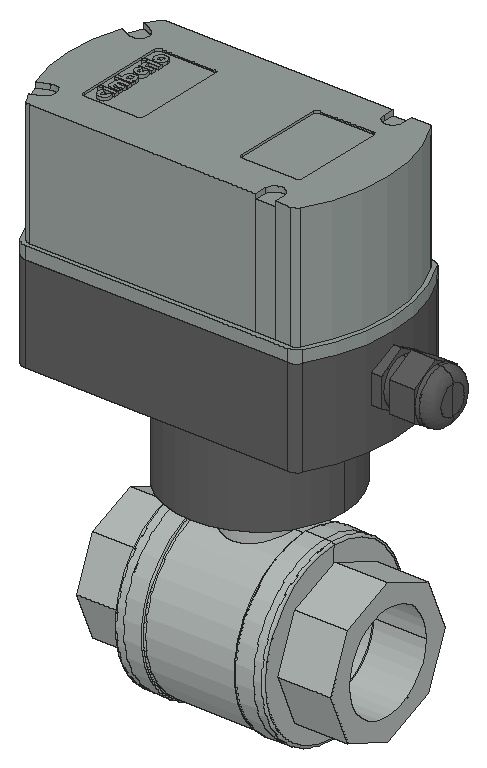
Revit family "QD31400000", category Apparecchi idraulici, Revit 2020
Family settings
  Quota connettore circolare = Usa diametro
  Tipo di parte = Normale
  Numero OmniClass = 23.45.00.00
  Titolo OmniClass = Sanitary, Laundry, and Cleaning Equipment
  Basato su piano di lavoro = No
  Sempre verticale = Sì
  Taglio con vuoti quando caricato = No
  Condiviso = No
  Punto di calcolo locali = No
Parameters
  URL = "https://web.cimberio.it/index.php/figura/614?subcategoria_id=74926"
  Temperatura di esercizio = "-20 ÷ 150°C"
  Prospetto di default = 0 mm
  Produttore = "CIMBERIO SPA"
  Pressione nominale = "PN 100 (1/2\"); PN 64 (3/4\" ÷ 1\"); PN 50 (1\"1/4); PN 40 (1\"1/2 ÷ 2\")"
  Modello = "Cim 702"
  Materiale = "Prodotto in lega di ottone conforme alla norma EN 12165-CW617N-DW"
  Descrizione = "Utilizzato nei più svariati settori dell'impiantistica: impianti di riscaldamento, condizionamento, idrici, igienico-sanitari, aria compressa e in generale con ogni fluido non corrosivo.\r\nParticolarmente indicato come valvola di zona per la regolazione e contabilizzazione di impianti di riscaldamento singoli o a zone, impianti con utilizzazione di energie alternative, impianti con fluidi caldi o freddi e impianti di automazione in genere."
  DN Model [instance] = QD31401040 : QD31401040
  DN [instance] = 40 mm
  Commenti sul tipo = "Realizzato in ottemperanza ai requisiti gestionali della norma EN ISO 9001.\r\nCollaudato al 100% secondo la normativa EN 12266-1."
Reference planes
  plane 1 "Centro (Fronte/Retro)": y = 0
  plane 2: z = 0
  plane 3 "Centro (Sinistra/Destra)": x = 0
Dimensions and locks
  aligned and locked: level to plane 2
Nested families
  nested 1: "QD31401040" at (0, 0, 0), type <- "DN Model", type "QD31401040"
  nested 2: "QD31401040" at (0, 0, 0), type <- "DN Model", type "QD31401040"
  nested 3: "QD31401040" at (0, 0, 0), type <- "DN Model", type "QD31401040"
  nested 4: "QD31401040" at (0, 0, 0), type <- "DN Model", type "QD31401040"
  nested 5: "QD31401040" at (0, 0, 0), type <- "DN Model", type "QD31401040"
  nested 6: "QD31401040" at (0, 0, 0), type <- "DN Model", type "QD31401040"
Connectors
  piping at (52.75, 0, 0), diameter 40, driven by "DN"
    settings: on nested 1, index 1, connector inside diameter 609.6 mm, connector length 0 mm, flow factor 0, pipe flow 0.0 L/s, pressure drop 0.0 Pa, fitting loss kfactor 0, connector angle 0.00°, fixture units 0, engagement length 0 mm, angle of deflection 0.00°, flow configuration 0, flow direction 0, fitting loss method 0, system type 7, joint type 0, gender type 0, connector reference index -1, connector utility 0, adjustable connector no, is connector primary yes, connector description ""
  piping at (-52.75, 0, 0), diameter 40, driven by "DN"
    settings: on nested 1, index 2, connector inside diameter 609.6 mm, connector length 0 mm, flow factor 0, pipe flow 0.0 L/s, pressure drop 0.0 Pa, fitting loss kfactor 0, connector angle 0.00°, fixture units 0, engagement length 0 mm, angle of deflection 0.00°, flow configuration 0, flow direction 0, fitting loss method 0, system type 7, joint type 0, gender type 0, connector reference index -1, connector utility 0, adjustable connector no, is connector primary no, connector description ""
Definition of nested family "QD31401040"
  Parameters (values of type "QD31401040")
    URL = "https://web.cimberio.it/index.php/figura/394?subcategoria_id="
    Temperatura di esercizio = "-10 ÷ 95°C"
    Default Elevation = 0 mm
    Manufacturer = "CIMBERIO SPA"
    Pressione nominale = "PN 16"
    Model = "Cim 32"
    Materiale = "Prodotto in lega di ottone conforme alla norma EN 12165-CW617N-DW"
    Description = "Impiegato nei più svariati settori dell'impiantistica in condutture anti-ritorno per: reti di distribuzione acqua potabile, impianti di riscaldamento, condizionamento, igienico-sanitari e in generale con ogni fluido non corrosivo."
    DN [instance] = 50 mm
    Type Comments = "Realizzato in ottemperanza ai requisiti gestionali della norma EN ISO 9001.\r\nCollaudato al 100% secondo la normativa EN 12266-1"
  Reference planes
    plane 1 "Centro (Fronte/Retro)": y = 0
    plane 2: z = 0
    plane 3 "Centro (Sinistra/Destra)": x = 0
  Forms (mm)
    Extrusion 1, solid
      sketch origin (0, 0, 0) x (0, 1, 0) y (0, 0, 1)
        loop
          circle (0, 0) r 20
        loop
          line (0, 27.5) -> (-19.445, 19.445) -> (-27.5, 0) -> (-19.445, -19.445) -> (0, -27.5) -> (19.445, -19.445) -> (27.5, 0) -> (19.445, 19.445) -> (0, 27.5)
      from -52.75 to -30.75
    Revolve 2, solid
      sketch origin (0, 0, 4) x (1, 0, 0) y (0, 0, 1)
        loop
          line (14.036, 8.315) -> (14.036, 60.753) -> (0, 60.753) -> (0, 8.315) -> (14.036, 8.315)
        axis (0, 60.753) -> (0, 8.315)
      angle from 0 to 360
    Extrusion 3, solid
      sketch origin (0, 0, 31.9) x (1, 0, 0) y (0, 0, 1)
        loop
          line (-16, 34.091) -> (-16, 17.197) -> (-11, 17.197) -> (-11, 34.091) -> (-16, 34.091)
      from -0.812 to 0.713
    Revolve 4, solid
      sketch origin (0, 0, 30.9) x (1, 0, 0) y (0, 0, 1)
        loop
          line (0, 51.8) -> (0, 36.671) -> (3.652, 36.671) -> (3.652, 18.3) -> (35, 18.3) -> (35, 51.8) -> (0, 51.8)
        axis (0, 51.8) -> (0, 18.3)
      angle from 0 to 360
    Extrusion 5, solid
      sketch origin (-12.571, 0, 30.9) x (1, 0, 0) y (0, 1, 0)
        loop
          arc (-53.687, 37) -> (-56.156, 36.347) -> (-57.982, 34.56) r 5
          arc (-57.982, 34.56) -> (-67.5, 0) -> (-57.982, -34.56) r 67.5
          arc (-57.982, -34.56) -> (-56.156, -36.347) -> (-53.687, -37) r 5
          line (-53.687, -37) -> (53.687, -37)
          arc (53.687, -37) -> (56.156, -36.347) -> (57.982, -34.56) r 5
          arc (57.982, -34.56) -> (67.5, 0) -> (57.982, 34.56) r 67.5
          arc (57.982, 34.56) -> (56.156, 36.347) -> (53.687, 37) r 5
          line (53.687, 37) -> (-53.687, 37)
      from 51.8 to 91.8
    Extrusion 6, solid
      sketch origin (-12.571, 0, 70.9) x (1, 0, 0) y (0, 1, 0)
        loop
          arc (-53.687, 37) -> (-56.156, 36.347) -> (-57.982, 34.56) r 5
          arc (-57.982, 34.56) -> (-67.5, 0) -> (-57.982, -34.56) r 67.5
          arc (-57.982, -34.56) -> (-56.156, -36.347) -> (-53.687, -37) r 5
          line (-53.687, -37) -> (53.687, -37)
          arc (53.687, -37) -> (56.156, -36.347) -> (57.982, -34.56) r 5
          arc (57.982, -34.56) -> (67.5, 0) -> (57.982, 34.56) r 67.5
          arc (57.982, 34.56) -> (56.156, 36.347) -> (53.687, 37) r 5
          line (53.687, 37) -> (-53.687, 37)
      from 51.8 to 56.8
    Extrusion 7, solid
      sketch origin (-12.571, 0, 66.9) x (1, 0, 0) y (0, 1, 0)
        loop
          arc (-53.687, 35) -> (-55.168, 34.608) -> (-56.264, 33.536) r 3
          arc (-56.264, 33.536) -> (-57.395, 31.561) -> (-58.457, 29.547) r 65.5
          arc (-58.457, 29.547) -> (-60.152, 25.922) -> (-61.623, 22.2) r 65.5
          arc (-61.623, 22.2) -> (-65.5, 0) -> (-61.623, -22.2) r 65.5
          arc (-61.623, -22.2) -> (-60.152, -25.922) -> (-58.457, -29.547) r 65.5
          arc (-58.457, -29.547) -> (-57.395, -31.561) -> (-56.264, -33.536) r 65.5
          arc (-56.264, -33.536) -> (-55.168, -34.608) -> (-53.687, -35) r 3
          line (-53.687, -35) -> (39.293, -35) -> (47.293, -35) -> (53.687, -35)
          arc (53.687, -35) -> (55.168, -34.608) -> (56.264, -33.536) r 3
          arc (56.264, -33.536) -> (65.5, 0) -> (56.264, 33.536) r 65.5
          arc (56.264, 33.536) -> (55.168, 34.608) -> (53.687, 35) r 3
          line (53.687, 35) -> (47.293, 35) -> (39.293, 35) -> (-53.687, 35)
      from 60.8 to 111.8
    Extrusion 8, solid
      sketch origin (-12.571, 0, 105.744) x (0, 1, 0) y (0, 0, 1)
        loop
          line (0, 11.95) -> (-10.349, 5.975) -> (-10.349, -5.975) -> (0, -11.95) -> (10.349, -5.975) -> (10.349, 5.975) -> (0, 11.95)
      from 53.687 to 71
    Revolve 9, solid
      sketch origin (-12.571, 0, 30.9) x (1, 0, 0) y (0, 0, 1)
        loop
          line (71, 84.3) -> (71, 79.687) -> (75, 79.687) -> (75, 84.3) -> (71, 84.3)
        axis (71, 74.844) -> (75, 74.844)
      angle from 0 to 360
    Extrusion 10, solid
      sketch origin (-12.571, 0, 30.9) x (0, 1, 0) y (0, 0, 1)
        loop
          line (0, 87.344) -> (-10.825, 81.094) -> (-10.825, 68.594) -> (0, 62.344) -> (10.825, 68.594) -> (10.825, 81.094) -> (0, 87.344)
      from 75 to 85
    Revolve 11, solid
      sketch origin (-12.571, 0, 30.9) x (1, 0, 0) y (0, 0, 1)
        loop
          line (92, 74.844) -> (92, 80.8)
          arc (92, 80.8) -> (90.535, 84.336) -> (86.998, 85.8) r 5
          line (86.998, 85.8) -> (85, 85.8) -> (85, 74.844) -> (92, 74.844)
        axis (85, 74.844) -> (92, 74.844)
      angle from 0 to 360
    Extrusion 12, void
      sketch origin (-12.571, 0, 66.9) x (1, 0, 0) y (0, 1, 0)
        loop
          arc (-57.295, 20.329) -> (-52.036, 22.412) -> (-54.12, 27.671) r 4
          line (-54.12, 27.671) -> (-59.289, 29.907) -> (-62.465, 22.564) -> (-57.295, 20.329)
        loop
          arc (-54.12, -27.671) -> (-52.036, -22.412) -> (-57.295, -20.329) r 4
          line (-57.295, -20.329) -> (-62.083, -22.399) -> (-58.908, -29.742) -> (-54.12, -27.671)
        loop
          arc (39.293, 30.5) -> (43.293, 26.5) -> (47.293, 30.5) r 4
          line (47.293, 30.5) -> (47.293, 35.946) -> (39.293, 35.946) -> (39.293, 30.5)
        loop
          line (39.293, -30.43) -> (39.293, -35) -> (47.293, -35) -> (47.293, -30.5)
          arc (47.293, -30.5) -> (43.293, -26.5) -> (39.293, -30.5) r 4
      from 109.8 to 117.274
    Extrusion 13, void
      sketch origin (-12.571, 0, 66.9) x (1, 0, 0) y (0, 1, 0)
        loop
          line (-21.999, 20) -> (-43.001, 20)
          arc (-43.001, 20) -> (-44.415, 19.414) -> (-45, 18) r 2
          line (-45, 18) -> (-45, -18)
          arc (-45, -18) -> (-44.414, -19.415) -> (-42.999, -20) r 2
          line (-42.999, -20) -> (-21.999, -20)
          arc (-21.999, -20) -> (-20.585, -19.414) -> (-20, -18) r 2
          line (-20, -18) -> (-20, 18)
          arc (-20, 18) -> (-20.585, 19.414) -> (-21.999, 20) r 2
        loop
          arc (22.001, 20) -> (20.586, 19.415) -> (20, 18) r 2
          line (20, 18) -> (20, -18)
          arc (20, -18) -> (20.586, -19.415) -> (22.001, -20) r 2
          line (22.001, -20) -> (43.001, -20)
          arc (43.001, -20) -> (44.415, -19.414) -> (45, -18) r 2
          line (45, -18) -> (45, 18)
          arc (45, 18) -> (44.415, 19.414) -> (43.001, 20) r 2
          line (43.001, 20) -> (22.001, 20)
      from 111.039 to 121
    Extrusion 14, solid
      sketch origin (-12.571, 0, 177.939) x (1, 0, 0) y (0, 1, 0)
        loop
          arc (-41.222, -13.089) -> (-39.283, -17.248) -> (-37.344, -13.089) r 2.531
          line (-37.344, -13.089) -> (-38.507, -14.066)
          arc (-38.507, -14.066) -> (-39.283, -15.729) -> (-40.058, -14.066) r 1.013
          line (-40.058, -14.066) -> (-41.222, -13.089)
        loop
          line (-36.751, -12.583) -> (-36.751, -11.064) -> (-41.814, -11.064) -> (-41.814, -12.583) -> (-36.751, -12.583)
        loop
          circle (-43.08, -11.824) r 0.861
        loop
          line (-36.751, -9.039) -> (-39.89, -9.039)
          arc (-39.89, -9.039) -> (-40.295, -8.634) -> (-39.89, -8.229) r 0.405
          line (-39.89, -8.229) -> (-36.751, -8.229) -> (-36.751, -6.711) -> (-39.89, -6.711)
          arc (-39.89, -6.711) -> (-40.295, -6.306) -> (-39.89, -5.901) r 0.405
          line (-39.89, -5.901) -> (-36.751, -5.901) -> (-36.751, -4.382) -> (-39.89, -4.382)
          arc (-39.89, -4.382) -> (-41.614, -5.451) -> (-41.422, -7.47) r 1.924
          arc (-41.422, -7.47) -> (-41.614, -9.489) -> (-39.89, -10.558) r 1.924
          line (-39.89, -10.558) -> (-36.751, -10.558) -> (-36.751, -9.039)
        loop
          line (-43.839, -3.876) -> (-36.751, -3.876) -> (-36.751, -2.357) -> (-37.544, -2.357) -> (-36.841, -2.013)
          arc (-36.841, -2.013) -> (-39.465, 1.18) -> (-41.603, -2.357) r 2.531
          line (-41.603, -2.357) -> (-43.839, -2.357) -> (-43.839, -3.876)
        loop
          circle (-39.283, -1.344) r 1.012
        loop
          arc (-41.013, 6.072) -> (-39.435, 1.698) -> (-37.344, 5.851) r 2.531
          line (-37.344, 5.851) -> (-38.507, 4.875)
          arc (-38.507, 4.875) -> (-38.282, 4.378) -> (-38.348, 3.836) r 1.013
          line (-38.348, 3.836) -> (-41.013, 6.072)
        loop
          line (-38.738, 3.371) -> (-40.218, 4.612)
          arc (-40.218, 4.612) -> (-39.934, 3.449) -> (-38.738, 3.371) r 1.013
        loop
          line (-36.751, 6.358) -> (-36.751, 7.876) -> (-40.426, 7.876)
          arc (-40.426, 7.876) -> (-41.131, 9.395) -> (-41.814, 7.867) r 0.92
          line (-41.814, 7.867) -> (-41.814, 6.358) -> (-36.751, 6.358)
        loop
          line (-36.751, 9.901) -> (-36.751, 11.42) -> (-41.814, 11.42) -> (-41.814, 9.901) -> (-36.751, 9.901)
        loop
          circle (-43.08, 10.661) r 0.861
        loop
          circle (-39.283, 14.458) r 2.531
        loop
          circle (-39.283, 14.458) r 1.012
      from 0 to 1
    Revolve 15, solid
      sketch origin (0, 0, 0) x (1, 0, 0) y (0, 0, 1)
        loop
          line (-30.75, -20) -> (-30.75, -35.25)
          arc (-30.75, -35.25) -> (-30.457, -35.958) -> (-29.749, -36.25) r 1
          line (-29.749, -36.25) -> (-26.75, -36.25) -> (-19.25, -36.5)
          arc (-19.25, -36.5) -> (-18.896, -36.354) -> (-18.75, -36) r 0.5
          arc (-18.75, -36) -> (-18.603, -35.646) -> (-18.249, -35.5) r 0.5
          line (-18.249, -35.5) -> (18.251, -35.5)
          arc (18.251, -35.5) -> (18.604, -35.647) -> (18.75, -36) r 0.5
          arc (18.75, -36) -> (18.896, -36.354) -> (19.25, -36.5) r 0.5
          line (19.25, -36.5) -> (26.75, -36.25) -> (29.751, -36.25)
          arc (29.751, -36.25) -> (30.458, -35.957) -> (30.75, -35.25) r 1
          line (30.75, -35.25) -> (30.75, -20) -> (-30.75, -20)
        axis (-30.75, 0) -> (30.75, 0)
      angle from 0 to 360
    Extrusion 16, solid
      sketch origin (0, 0, 0) x (0, 1, 0) y (0, 0, -1)
        loop
          circle (0, 0) r 20
        loop
          line (0, -29.25) -> (20.683, -20.683) -> (29.25, 0) -> (20.683, 20.683) -> (0, 29.25) -> (-20.683, 20.683) -> (-29.25, 0) -> (-20.683, -20.683) -> (0, -29.25)
      from -52.75 to -30.75
  Cuts and joins
    Extrusion 12 cuts Extrusion 5
    Extrusion 12 cuts Extrusion 6
    Extrusion 12, Extrusion 13 cuts Extrusion 7
  Dimensions and locks
    aligned and locked: level to plane 2
